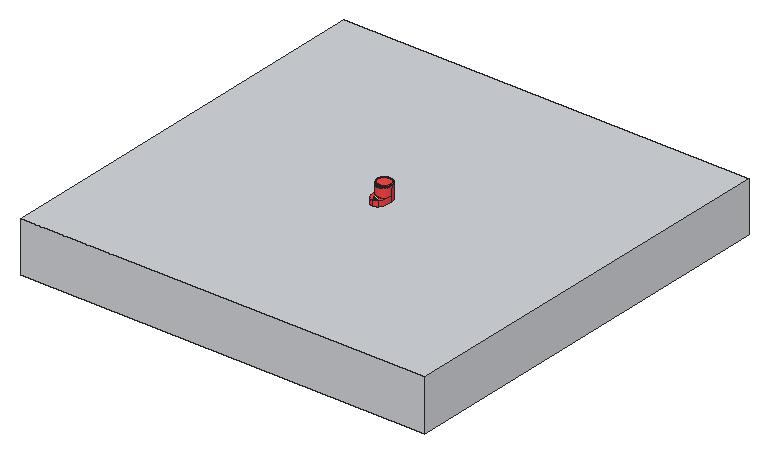
Revit family "Sirena electronica con foco_Aguilera Electronica", category Dispositivos de alarma de incendios, Revit 2017
Family settings
  Anfitrión = Cara
  Mantener orientación de anotación = Sí
  Cota de conector redondo = Diámetro de uso
  Tipo de pieza = Normal
  Número OmniClass = 23.85.30.21.14.11
  Título OmniClass = Concentration Detection Bells and Sounders
  Corte con vacíos al cargar = No
  Compartido = No
  Punto de cálculo de habitación = No
Parameters (values of type "Sirena electrónica con foco EN54-23")
  URL = "https://aguilera.es/?productos=sirena-electronica-con-foco-en-54-23"
  Símbolo texto modelo = yes
  Símbolo = yes
  Modelo = "AE/V-ASFLXW"
  Fabricante = "Aguilera Electrónica"  # constant formula
  Elevación por defecto = 1200 mm
  Diámetro tubo = 20 mm
  Descripción = "La sirena AE/ASFLXW es ideal para aplicaciones de uso dual en las que\r\nse exige un dispositivo de alarma visual además de una alarma audible.\r\nEsta especialmente recomendado para su uso en pared ya que solo\r\nrequiere un punto de instalación. Preparada para usar con cualquier sonda\r\nestándar.\r\nCertificada EN-3 y EN 54-23 para montaje en pared."  # constant formula
  Comentarios de tipo = "Sirena multitono con foco certificada EN 54-3 y EN 54-23 para montaje en pared. Tipo W-2.4-7.5.\r\n\r\nMáxima altura de instalación 2.4m, longitud de cobertura 7.5 m.\r\nTecnología led que garantiza una intensidad luminosa 0.4lux/m2 en todo el área.\r\nNivel sonoro 102dB(A).\r\nConsumo máximo 37mA.\r\nProtección IP65."  # constant formula
  Altura 4 = 30 mm  # constant formula
  Altura 3 = 17 mm  # constant formula
  Altura 2 = 53 mm  # constant formula
  Altura 1 = 10 mm  # constant formula
Reference planes
  plane 1 "Centro (Frontal/Posterior)": y = 0
  plane 2: z = 0
  plane 3 "Centro (Izquierda/Derecha)": x = 0
  plane 4: z = 83
  plane 5: z = 93
  plane 6: z = 30
Forms (mm)
  Extrusion 1, solid
    sketch origin (0, 0, 0) x (1, 0, 0) y (0, 1, 0)
      loop
        line (-1219.2, 1219.2) -> (-1219.2, -1219.2) -> (1219.2, -1219.2) -> (1219.2, 1219.2) -> (-1219.2, 1219.2)
    from 0 to -304.8
  Extrusion 2, solid, material "ABS Rojo", detail levels medium+fine
    sketch origin (0, 0, 0) x (1, 0, 0) y (0, 1, 0)
      loop
        circle (0, 0) r 46.5
    from 0 to 83
  Extrusion 3, solid, material "ABS Rojo", detail levels fine
    sketch origin (0, 0, 0) x (0, 1, 0) y (0, 0, 1)
      loop
        line (-46.437, 83) -> (-41.5, 83) -> (-41.5, 93) -> (-42.516, 93) -> (-46.437, 83)
    from 1 to -1
  Extrusion 4, solid, material "ABS Rojo", detail levels fine
    sketch origin (0, 0, 0) x (-0.173648, 0.984808, 0) y (0, 0, 1)
      loop
        line (-46.437, 83) -> (-41.5, 83) -> (-41.5, 93) -> (-42.516, 93) -> (-46.437, 83)
    from 1 to -1
  Extrusion 5, solid, material "ABS Rojo", detail levels fine
    sketch origin (0, 0, 0) x (-0.34202, 0.939693, 0) y (0, 0, 1)
      loop
        line (-46.437, 83) -> (-41.5, 83) -> (-41.5, 93) -> (-42.516, 93) -> (-46.437, 83)
    from 1 to -1
  Extrusion 6, solid, material "ABS Rojo", detail levels fine
    sketch origin (0, 0, 0) x (-0.5, 0.866025, 0) y (0, 0, 1)
      loop
        line (-46.437, 83) -> (-41.5, 83) -> (-41.5, 93) -> (-42.516, 93) -> (-46.437, 83)
    from 1 to -1
  Extrusion 7, solid, material "ABS Rojo", detail levels fine
    sketch origin (0, 0, 0) x (-0.642788, 0.766044, 0) y (0, 0, 1)
      loop
        line (-46.437, 83) -> (-41.5, 83) -> (-41.5, 93) -> (-42.516, 93) -> (-46.437, 83)
    from 1 to -1
  Extrusion 8, solid, material "ABS Rojo", detail levels fine
    sketch origin (0, 0, 0) x (-0.766044, 0.642788, 0) y (0, 0, 1)
      loop
        line (-46.437, 83) -> (-41.5, 83) -> (-41.5, 93) -> (-42.516, 93) -> (-46.437, 83)
    from 1 to -1
  Extrusion 9, solid, material "ABS Rojo", detail levels fine
    sketch origin (0, 0, 0) x (-0.866025, 0.5, 0) y (0, 0, 1)
      loop
        line (-46.437, 83) -> (-41.5, 83) -> (-41.5, 93) -> (-42.516, 93) -> (-46.437, 83)
    from 1 to -1
  Extrusion 10, solid, material "ABS Rojo", detail levels fine
    sketch origin (0, 0, 0) x (-0.939693, 0.34202, 0) y (0, 0, 1)
      loop
        line (-46.437, 83) -> (-41.5, 83) -> (-41.5, 93) -> (-42.516, 93) -> (-46.437, 83)
    from 1 to -1
  Extrusion 11, solid, material "ABS Rojo", detail levels fine
    sketch origin (0, 0, 0) x (-0.984808, 0.173648, 0) y (0, 0, 1)
      loop
        line (-46.437, 83) -> (-41.5, 83) -> (-41.5, 93) -> (-42.516, 93) -> (-46.437, 83)
    from 1 to -1
  Extrusion 12, solid, material "ABS Rojo", detail levels fine
    sketch origin (0, 0, 0) x (-1, 0, 0) y (0, 0, 1)
      loop
        line (-46.437, 83) -> (-41.5, 83) -> (-41.5, 93) -> (-42.516, 93) -> (-46.437, 83)
    from 1 to -1
  Extrusion 13, solid, material "ABS Rojo", detail levels fine
    sketch origin (0, 0, 0) x (0, -1, 0) y (0, 0, -1)
      loop
        line (-46.437, -83) -> (-42.516, -93) -> (-41.5, -93) -> (-41.5, -83) -> (-46.437, -83)
    from 1 to -1
  Extrusion 14, solid, material "ABS Rojo", detail levels fine
    sketch origin (0, 0, 0) x (-0.173648, -0.984808, 0) y (0, 0, -1)
      loop
        line (-46.437, -83) -> (-42.516, -93) -> (-41.5, -93) -> (-41.5, -83) -> (-46.437, -83)
    from 1 to -1
  Extrusion 15, solid, material "ABS Rojo", detail levels fine
    sketch origin (0, 0, 0) x (-0.34202, -0.939693, 0) y (0, 0, -1)
      loop
        line (-46.437, -83) -> (-42.516, -93) -> (-41.5, -93) -> (-41.5, -83) -> (-46.437, -83)
    from 1 to -1
  Extrusion 16, solid, material "ABS Rojo", detail levels fine
    sketch origin (0, 0, 0) x (-0.5, -0.866025, 0) y (0, 0, -1)
      loop
        line (-46.437, -83) -> (-42.516, -93) -> (-41.5, -93) -> (-41.5, -83) -> (-46.437, -83)
    from 1 to -1
  Extrusion 17, solid, material "ABS Rojo", detail levels fine
    sketch origin (0, 0, 0) x (-0.642788, -0.766044, 0) y (0, 0, -1)
      loop
        line (-46.437, -83) -> (-42.516, -93) -> (-41.5, -93) -> (-41.5, -83) -> (-46.437, -83)
    from 1 to -1
  Extrusion 18, solid, material "ABS Rojo", detail levels fine
    sketch origin (0, 0, 0) x (-0.766044, -0.642788, 0) y (0, 0, -1)
      loop
        line (-46.437, -83) -> (-42.516, -93) -> (-41.5, -93) -> (-41.5, -83) -> (-46.437, -83)
    from 1 to -1
  Extrusion 19, solid, material "ABS Rojo", detail levels fine
    sketch origin (0, 0, 0) x (-0.866025, -0.5, 0) y (0, 0, -1)
      loop
        line (-46.437, -83) -> (-42.516, -93) -> (-41.5, -93) -> (-41.5, -83) -> (-46.437, -83)
    from 1 to -1
  Extrusion 20, solid, material "ABS Rojo", detail levels fine
    sketch origin (0, 0, 0) x (-0.939693, -0.34202, 0) y (0, 0, -1)
      loop
        line (-46.437, -83) -> (-42.516, -93) -> (-41.5, -93) -> (-41.5, -83) -> (-46.437, -83)
    from 1 to -1
  Extrusion 21, solid, material "ABS Rojo", detail levels fine
    sketch origin (0, 0, 0) x (-0.984808, -0.173648, 0) y (0, 0, -1)
      loop
        line (-46.437, -83) -> (-42.516, -93) -> (-41.5, -93) -> (-41.5, -83) -> (-46.437, -83)
    from 1 to -1
  Extrusion 22, solid, material "ABS Rojo", detail levels fine
    sketch origin (0, 0, 0) x (0.173648, 0.984808, 0) y (0, 0, -1)
      loop
        line (-46.437, -83) -> (-42.516, -93) -> (-41.5, -93) -> (-41.5, -83) -> (-46.437, -83)
    from 1 to -1
  Extrusion 23, solid, material "ABS Rojo", detail levels fine
    sketch origin (0, 0, 0) x (0.34202, 0.939693, 0) y (0, 0, -1)
      loop
        line (-46.437, -83) -> (-42.516, -93) -> (-41.5, -93) -> (-41.5, -83) -> (-46.437, -83)
    from 1 to -1
  Extrusion 24, solid, material "ABS Rojo", detail levels fine
    sketch origin (0, 0, 0) x (0.5, 0.866025, 0) y (0, 0, -1)
      loop
        line (-46.437, -83) -> (-42.516, -93) -> (-41.5, -93) -> (-41.5, -83) -> (-46.437, -83)
    from 1 to -1
  Extrusion 25, solid, material "ABS Rojo", detail levels fine
    sketch origin (0, 0, 0) x (0.642788, 0.766044, 0) y (0, 0, -1)
      loop
        line (-46.437, -83) -> (-42.516, -93) -> (-41.5, -93) -> (-41.5, -83) -> (-46.437, -83)
    from 1 to -1
  Extrusion 26, solid, material "ABS Rojo", detail levels fine
    sketch origin (0, 0, 0) x (0.766044, 0.642788, 0) y (0, 0, -1)
      loop
        line (-46.437, -83) -> (-42.516, -93) -> (-41.5, -93) -> (-41.5, -83) -> (-46.437, -83)
    from 1 to -1
  Extrusion 27, solid, material "ABS Rojo", detail levels fine
    sketch origin (0, 0, 0) x (0.866025, 0.5, 0) y (0, 0, -1)
      loop
        line (-46.437, -83) -> (-42.516, -93) -> (-41.5, -93) -> (-41.5, -83) -> (-46.437, -83)
    from 1 to -1
  Extrusion 28, solid, material "ABS Rojo", detail levels fine
    sketch origin (0, 0, 0) x (0.939693, 0.34202, 0) y (0, 0, -1)
      loop
        line (-46.437, -83) -> (-42.516, -93) -> (-41.5, -93) -> (-41.5, -83) -> (-46.437, -83)
    from 1 to -1
  Extrusion 29, solid, material "ABS Rojo", detail levels fine
    sketch origin (0, 0, 0) x (0.984808, 0.173648, 0) y (0, 0, -1)
      loop
        line (-46.437, -83) -> (-42.516, -93) -> (-41.5, -93) -> (-41.5, -83) -> (-46.437, -83)
    from 1 to -1
  Extrusion 30, solid, material "ABS Rojo", detail levels fine
    sketch origin (0, 0, 0) x (1, 0, 0) y (0, 0, -1)
      loop
        line (-46.437, -83) -> (-42.516, -93) -> (-41.5, -93) -> (-41.5, -83) -> (-46.437, -83)
    from 1 to -1
  Extrusion 31, solid, material "ABS Rojo", detail levels fine
    sketch origin (0, 0, 0) x (0.173648, -0.984808, 0) y (0, 0, 1)
      loop
        line (-46.437, 83) -> (-41.5, 83) -> (-41.5, 93) -> (-42.516, 93) -> (-46.437, 83)
    from 1 to -1
  Extrusion 32, solid, material "ABS Rojo", detail levels fine
    sketch origin (0, 0, 0) x (0.34202, -0.939693, 0) y (0, 0, 1)
      loop
        line (-46.437, 83) -> (-41.5, 83) -> (-41.5, 93) -> (-42.516, 93) -> (-46.437, 83)
    from 1 to -1
  Extrusion 33, solid, material "ABS Rojo", detail levels fine
    sketch origin (0, 0, 0) x (0.5, -0.866025, 0) y (0, 0, 1)
      loop
        line (-46.437, 83) -> (-41.5, 83) -> (-41.5, 93) -> (-42.516, 93) -> (-46.437, 83)
    from 1 to -1
  Extrusion 34, solid, material "ABS Rojo", detail levels fine
    sketch origin (0, 0, 0) x (0.642788, -0.766044, 0) y (0, 0, 1)
      loop
        line (-46.437, 83) -> (-41.5, 83) -> (-41.5, 93) -> (-42.516, 93) -> (-46.437, 83)
    from 1 to -1
  Extrusion 35, solid, material "ABS Rojo", detail levels fine
    sketch origin (0, 0, 0) x (0.766044, -0.642788, 0) y (0, 0, 1)
      loop
        line (-46.437, 83) -> (-41.5, 83) -> (-41.5, 93) -> (-42.516, 93) -> (-46.437, 83)
    from 1 to -1
  Extrusion 36, solid, material "ABS Rojo", detail levels fine
    sketch origin (0, 0, 0) x (0.866025, -0.5, 0) y (0, 0, 1)
      loop
        line (-46.437, 83) -> (-41.5, 83) -> (-41.5, 93) -> (-42.516, 93) -> (-46.437, 83)
    from 1 to -1
  Extrusion 37, solid, material "ABS Rojo", detail levels fine
    sketch origin (0, 0, 0) x (0.939693, -0.34202, 0) y (0, 0, 1)
      loop
        line (-46.437, 83) -> (-41.5, 83) -> (-41.5, 93) -> (-42.516, 93) -> (-46.437, 83)
    from 1 to -1
  Extrusion 38, solid, material "ABS Rojo", detail levels fine
    sketch origin (0, 0, 0) x (0.984808, -0.173648, 0) y (0, 0, 1)
      loop
        line (-46.437, 83) -> (-41.5, 83) -> (-41.5, 93) -> (-42.516, 93) -> (-46.437, 83)
    from 1 to -1
  Extrusion 39, solid, material "ABS Rojo", detail levels fine
    sketch origin (0, -114.377, 93) x (0, -1, 0) y (1, 0, 0)
      loop
        circle (-114.377, 0) r 42.516
    from 0 to -0.997
  Extrusion 40, solid, material "ABS Rojo", detail levels medium+fine
    sketch origin (0, 0, 0) x (1, 0, 0) y (0, 1, 0)
      loop
        line (39.716, 24.085) -> (-39.716, 24.085)
        arc (-39.716, 24.085) -> (-44.714, 12.495) -> (-46.5, 0) r 47.727
        arc (-46.5, 0) -> (-41.787, -40.37) -> (-27.191, -78.302) r 162.277
        arc (-27.191, -78.302) -> (-14.287, -85.239) -> (0, -88.484) r 54.451
        arc (0, -88.484) -> (14.287, -85.239) -> (27.191, -78.302) r 54.451
        arc (27.191, -78.302) -> (41.787, -40.37) -> (46.5, 0) r 162.277
        arc (46.5, 0) -> (44.714, 12.495) -> (39.716, 24.085) r 47.727
    from 0 to 30
  Extrusion 41, solid, material "Vidrio", detail levels fine
    sketch origin (0, 0, 0) x (1, 0, 0) y (0, 1, 0)
      loop
        line (0, -52.187) -> (-10.967, -52.187) -> (-10.967, -60.996)
        arc (-10.967, -60.996) -> (-8.038, -68.067) -> (-0.967, -70.996) r 10
        line (-0.967, -70.996) -> (0.967, -70.996)
        arc (0.967, -70.996) -> (8.038, -68.067) -> (10.967, -60.996) r 10
        line (10.967, -60.996) -> (10.967, -52.187) -> (0, -52.187)
    from 30 to 33.038
Dimensions and locks
  "Altura 4": plane 6 to Extrusion 1
  "Altura 2": plane 4 to plane 6
  "Altura 1": plane 5 to plane 4
  aligned and locked: plane 2 to Extrusion 1
  aligned and locked: level to Extrusion 1
  aligned and locked: plane 4 to Extrusion 2
  aligned and locked: Extrusion 2 to Extrusion 3
  aligned and locked: plane 6 to Extrusion 40
Automatic sketch dimensions
  Extrusion 1 sketch curve to Extrusion 1 sketch curve = 2438.4 mm  (x2)
  plane 1 "Centro (Frontal/Posterior)" to Extrusion 2 sketch curve = 0 mm
  Extrusion 2 sketch curve to plane 3 "Centro (Izquierda/Derecha)" = 0 mm
  Extrusion 3 sketch curve to plane 4 = 0 mm
  Extrusion 3 sketch curve to plane 5 = 0 mm
  plane 1 "Centro (Frontal/Posterior)" to Extrusion 3 sketch curve = 46.437 mm
  Extrusion 3 sketch curve to Extrusion 3 sketch curve = 3.921 mm
  Extrusion 3 sketch curve to Extrusion 3 sketch curve = 1.016 mm
  plane 4 to Extrusion 4 sketch curve = 0 mm
  plane 5 to Extrusion 4 sketch curve = 0 mm
  Extrusion 4 sketch curve to Extrusion 4 sketch curve = 3.921 mm
  Extrusion 4 sketch curve to Extrusion 4 sketch curve = 1.016 mm
  plane 4 to Extrusion 5 sketch curve = 0 mm
  plane 5 to Extrusion 5 sketch curve = 0 mm
  Extrusion 5 sketch curve to Extrusion 5 sketch curve = 3.921 mm
  Extrusion 5 sketch curve to Extrusion 5 sketch curve = 1.016 mm
  plane 4 to Extrusion 6 sketch curve = 0 mm
  plane 5 to Extrusion 6 sketch curve = 0 mm
  Extrusion 6 sketch curve to Extrusion 6 sketch curve = 3.921 mm
  Extrusion 6 sketch curve to Extrusion 6 sketch curve = 1.016 mm
  plane 4 to Extrusion 7 sketch curve = 0 mm
  plane 5 to Extrusion 7 sketch curve = 0 mm
  Extrusion 7 sketch curve to Extrusion 7 sketch curve = 3.921 mm
  Extrusion 7 sketch curve to Extrusion 7 sketch curve = 1.016 mm
  plane 4 to Extrusion 8 sketch curve = 0 mm
  plane 5 to Extrusion 8 sketch curve = 0 mm
  Extrusion 8 sketch curve to Extrusion 8 sketch curve = 3.921 mm
  Extrusion 8 sketch curve to Extrusion 8 sketch curve = 1.016 mm
  plane 4 to Extrusion 9 sketch curve = 0 mm
  plane 5 to Extrusion 9 sketch curve = 0 mm
  Extrusion 9 sketch curve to Extrusion 9 sketch curve = 3.921 mm
  Extrusion 9 sketch curve to Extrusion 9 sketch curve = 1.016 mm
  plane 4 to Extrusion 10 sketch curve = 0 mm
  plane 5 to Extrusion 10 sketch curve = 0 mm
  Extrusion 10 sketch curve to Extrusion 10 sketch curve = 3.921 mm
  Extrusion 10 sketch curve to Extrusion 10 sketch curve = 1.016 mm
  plane 4 to Extrusion 11 sketch curve = 0 mm
  plane 5 to Extrusion 11 sketch curve = 0 mm
  Extrusion 11 sketch curve to Extrusion 11 sketch curve = 3.921 mm
  Extrusion 11 sketch curve to Extrusion 11 sketch curve = 1.016 mm
  Extrusion 12 sketch curve to plane 4 = 0 mm
  Extrusion 12 sketch curve to plane 5 = 0 mm
  plane 3 "Centro (Izquierda/Derecha)" to Extrusion 12 sketch curve = 46.437 mm
  Extrusion 12 sketch curve to Extrusion 12 sketch curve = 3.921 mm
  Extrusion 12 sketch curve to Extrusion 12 sketch curve = 1.016 mm
  Extrusion 13 sketch curve to plane 4 = 0 mm
  Extrusion 13 sketch curve to plane 5 = 0 mm
  plane 1 "Centro (Frontal/Posterior)" to Extrusion 13 sketch curve = 46.437 mm
  Extrusion 13 sketch curve to Extrusion 13 sketch curve = 3.921 mm
  Extrusion 13 sketch curve to Extrusion 13 sketch curve = 1.016 mm
  Extrusion 14 sketch curve to plane 4 = 0 mm
  Extrusion 14 sketch curve to plane 5 = 0 mm
  Extrusion 14 sketch curve to Extrusion 14 sketch curve = 3.921 mm
  Extrusion 14 sketch curve to Extrusion 14 sketch curve = 1.016 mm
  Extrusion 15 sketch curve to plane 4 = 0 mm
  Extrusion 15 sketch curve to plane 5 = 0 mm
  Extrusion 15 sketch curve to Extrusion 15 sketch curve = 3.921 mm
  Extrusion 15 sketch curve to Extrusion 15 sketch curve = 1.016 mm
  Extrusion 16 sketch curve to plane 4 = 0 mm
  Extrusion 16 sketch curve to plane 5 = 0 mm
  Extrusion 16 sketch curve to Extrusion 16 sketch curve = 3.921 mm
  Extrusion 16 sketch curve to Extrusion 16 sketch curve = 1.016 mm
  Extrusion 17 sketch curve to plane 4 = 0 mm
  Extrusion 17 sketch curve to plane 5 = 0 mm
  Extrusion 17 sketch curve to Extrusion 17 sketch curve = 3.921 mm
  Extrusion 17 sketch curve to Extrusion 17 sketch curve = 1.016 mm
  Extrusion 18 sketch curve to plane 4 = 0 mm
  Extrusion 18 sketch curve to plane 5 = 0 mm
  Extrusion 18 sketch curve to Extrusion 18 sketch curve = 3.921 mm
  Extrusion 18 sketch curve to Extrusion 18 sketch curve = 1.016 mm
  Extrusion 19 sketch curve to plane 4 = 0 mm
  Extrusion 19 sketch curve to plane 5 = 0 mm
  Extrusion 19 sketch curve to Extrusion 19 sketch curve = 3.921 mm
  Extrusion 19 sketch curve to Extrusion 19 sketch curve = 1.016 mm
  Extrusion 20 sketch curve to plane 4 = 0 mm
  Extrusion 20 sketch curve to plane 5 = 0 mm
  Extrusion 20 sketch curve to Extrusion 20 sketch curve = 3.921 mm
  Extrusion 20 sketch curve to Extrusion 20 sketch curve = 1.016 mm
  Extrusion 21 sketch curve to plane 4 = 0 mm
  Extrusion 21 sketch curve to plane 5 = 0 mm
  Extrusion 21 sketch curve to Extrusion 21 sketch curve = 3.921 mm
  Extrusion 21 sketch curve to Extrusion 21 sketch curve = 1.016 mm
  plane 4 to Extrusion 22 sketch curve = 0 mm
  plane 5 to Extrusion 22 sketch curve = 0 mm
  Extrusion 22 sketch curve to Extrusion 22 sketch curve = 3.921 mm
  Extrusion 22 sketch curve to Extrusion 22 sketch curve = 1.016 mm
  plane 4 to Extrusion 23 sketch curve = 0 mm
  plane 5 to Extrusion 23 sketch curve = 0 mm
  Extrusion 23 sketch curve to Extrusion 23 sketch curve = 3.921 mm
  Extrusion 23 sketch curve to Extrusion 23 sketch curve = 1.016 mm
  plane 4 to Extrusion 24 sketch curve = 0 mm
  plane 5 to Extrusion 24 sketch curve = 0 mm
  Extrusion 24 sketch curve to Extrusion 24 sketch curve = 3.921 mm
  Extrusion 24 sketch curve to Extrusion 24 sketch curve = 1.016 mm
  plane 4 to Extrusion 25 sketch curve = 0 mm
  plane 5 to Extrusion 25 sketch curve = 0 mm
  Extrusion 25 sketch curve to Extrusion 25 sketch curve = 3.921 mm
  Extrusion 25 sketch curve to Extrusion 25 sketch curve = 1.016 mm
  plane 4 to Extrusion 26 sketch curve = 0 mm
  plane 5 to Extrusion 26 sketch curve = 0 mm
  Extrusion 26 sketch curve to Extrusion 26 sketch curve = 3.921 mm
  Extrusion 26 sketch curve to Extrusion 26 sketch curve = 1.016 mm
  plane 4 to Extrusion 27 sketch curve = 0 mm
  plane 5 to Extrusion 27 sketch curve = 0 mm
  Extrusion 27 sketch curve to Extrusion 27 sketch curve = 3.921 mm
  Extrusion 27 sketch curve to Extrusion 27 sketch curve = 1.016 mm
  plane 4 to Extrusion 28 sketch curve = 0 mm
  plane 5 to Extrusion 28 sketch curve = 0 mm
  Extrusion 28 sketch curve to Extrusion 28 sketch curve = 3.921 mm
  Extrusion 28 sketch curve to Extrusion 28 sketch curve = 1.016 mm
  plane 4 to Extrusion 29 sketch curve = 0 mm
  plane 5 to Extrusion 29 sketch curve = 0 mm
  Extrusion 29 sketch curve to Extrusion 29 sketch curve = 3.921 mm
  Extrusion 29 sketch curve to Extrusion 29 sketch curve = 1.016 mm
  Extrusion 30 sketch curve to plane 4 = 0 mm
  Extrusion 30 sketch curve to plane 5 = 0 mm
  Extrusion 30 sketch curve to plane 3 "Centro (Izquierda/Derecha)" = 46.437 mm
  Extrusion 30 sketch curve to Extrusion 30 sketch curve = 3.921 mm
  Extrusion 30 sketch curve to Extrusion 30 sketch curve = 1.016 mm
  Extrusion 31 sketch curve to plane 4 = 0 mm
  Extrusion 31 sketch curve to plane 5 = 0 mm
  Extrusion 31 sketch curve to Extrusion 31 sketch curve = 3.921 mm
  Extrusion 31 sketch curve to Extrusion 31 sketch curve = 1.016 mm
  Extrusion 32 sketch curve to plane 4 = 0 mm
  Extrusion 32 sketch curve to plane 5 = 0 mm
  Extrusion 32 sketch curve to Extrusion 32 sketch curve = 3.921 mm
  Extrusion 32 sketch curve to Extrusion 32 sketch curve = 1.016 mm
  Extrusion 33 sketch curve to plane 4 = 0 mm
  Extrusion 33 sketch curve to plane 5 = 0 mm
  Extrusion 33 sketch curve to Extrusion 33 sketch curve = 3.921 mm
  Extrusion 33 sketch curve to Extrusion 33 sketch curve = 1.016 mm
  Extrusion 34 sketch curve to plane 4 = 0 mm
  Extrusion 34 sketch curve to plane 5 = 0 mm
  Extrusion 34 sketch curve to Extrusion 34 sketch curve = 3.921 mm
  Extrusion 34 sketch curve to Extrusion 34 sketch curve = 1.016 mm
  Extrusion 35 sketch curve to plane 4 = 0 mm
  Extrusion 35 sketch curve to plane 5 = 0 mm
  Extrusion 35 sketch curve to Extrusion 35 sketch curve = 3.921 mm
  Extrusion 35 sketch curve to Extrusion 35 sketch curve = 1.016 mm
  Extrusion 36 sketch curve to plane 4 = 0 mm
  Extrusion 36 sketch curve to plane 5 = 0 mm
  Extrusion 36 sketch curve to Extrusion 36 sketch curve = 3.921 mm
  Extrusion 36 sketch curve to Extrusion 36 sketch curve = 1.016 mm
  Extrusion 37 sketch curve to plane 4 = 0 mm
  Extrusion 37 sketch curve to plane 5 = 0 mm
  Extrusion 37 sketch curve to Extrusion 37 sketch curve = 3.921 mm
  Extrusion 37 sketch curve to Extrusion 37 sketch curve = 1.016 mm
  Extrusion 38 sketch curve to plane 4 = 0 mm
  Extrusion 38 sketch curve to plane 5 = 0 mm
  Extrusion 38 sketch curve to Extrusion 38 sketch curve = 3.921 mm
  Extrusion 38 sketch curve to Extrusion 38 sketch curve = 1.016 mm
  plane 1 "Centro (Frontal/Posterior)" to Extrusion 39 sketch curve = 0 mm
  Extrusion 39 sketch curve to plane 3 "Centro (Izquierda/Derecha)" = 0 mm
  plane 1 "Centro (Frontal/Posterior)" to Extrusion 40 sketch curve = 0 mm  (x4)
  Extrusion 40 sketch curve to plane 3 "Centro (Izquierda/Derecha)" = 0 mm
  Extrusion 40 sketch curve to plane 3 "Centro (Izquierda/Derecha)" = 1.225 mm
  Extrusion 40 sketch curve to plane 3 "Centro (Izquierda/Derecha)" = 4.807 mm
  Extrusion 40 sketch curve to plane 3 "Centro (Izquierda/Derecha)" = 39.716 mm
  plane 1 "Centro (Frontal/Posterior)" to Extrusion 40 sketch curve = 1.516 mm  (x2)
  plane 3 "Centro (Izquierda/Derecha)" to Extrusion 40 sketch curve = 1.225 mm
  plane 3 "Centro (Izquierda/Derecha)" to Extrusion 40 sketch curve = 4.807 mm
  plane 3 "Centro (Izquierda/Derecha)" to Extrusion 40 sketch curve = 39.716 mm
  Extrusion 40 sketch curve to Extrusion 40 sketch curve = 76.055 mm
  plane 1 "Centro (Frontal/Posterior)" to Extrusion 40 sketch curve = 34.246 mm
  Extrusion 40 sketch curve to Extrusion 40 sketch curve = 0 mm
  plane 1 "Centro (Frontal/Posterior)" to Extrusion 40 sketch curve = 0.446 mm
  Extrusion 40 sketch curve to plane 3 "Centro (Izquierda/Derecha)" = 27.191 mm
  plane 3 "Centro (Izquierda/Derecha)" to Extrusion 40 sketch curve = 27.191 mm
  Extrusion 41 sketch curve to plane 3 "Centro (Izquierda/Derecha)" = 0 mm
  Extrusion 41 sketch curve to plane 3 "Centro (Izquierda/Derecha)" = 0.967 mm
  Extrusion 41 sketch curve to Extrusion 41 sketch curve = 10 mm
  plane 3 "Centro (Izquierda/Derecha)" to Extrusion 41 sketch curve = 0.967 mm
  plane 1 "Centro (Frontal/Posterior)" to Extrusion 41 sketch curve = 60.996 mm
  Extrusion 41 sketch curve to Extrusion 41 sketch curve = 0 mm
  Extrusion 41 sketch curve to Extrusion 41 sketch curve = 8.809 mm
  radius of Extrusion 2 sketch curve = 46.5 mm
  radius of Extrusion 39 sketch curve = 42.516 mm
Nested families
  nested 1: "S_Sirena_Aguilera Electronica" at (0, 0, 0), visible <- "Símbolo", type "S_Sirena_Aguilera Electronica"
Connectors
  electrical at (0, 0, 0), driven by "Modelo"
    settings: on Extrusion 2, index 1, voltage 0 V, apparent load 0 VA, apparent load phase1 0 VA, apparent load phase2 0 VA, apparent load phase3 0 VA, power factor 1, load classification "Otro", number of poles 1, system type 11, power factor state 1, is connector primary yes, connector utility no, sub classification motor no, connector description "AE/V-ASFLXW"
  cabletrayconduit at (0, 0, 0), diameter 20, driven by "Diámetro tubo", driven by "Modelo"
    settings: on Extrusion 2, index 2, connector width 300 mm, connector height 300 mm, connector angle 0.00°, system type 32, placement type 0, profile type 0, connector reference index -1, is primary connector yes, connector utility param no, connector description "AE/V-ASFLXW"
Definition of nested family "S_Sirena_Aguilera Electronica"
  Parameters (values of type "S_Sirena_Aguilera Electronica")
    Texto símbolo = "Sirena"
    Texto modelo = yes
    Modelo = "AE/SA-AS1"
  Reference planes
    plane 1: y = 0
    plane 2: x = 0
  Lines and regions (mm)
    detail lines
      curve 1: line (-3.584, 1.13, 0) -> (-1.982, 1.13, 0)
      curve 2: line (-3.584, -0.471, 0) -> (-3.584, 1.13, 0)
      curve 3: line (-1.982, -0.471, 0) -> (-3.584, -0.471, 0)
      curve 4: line (-1.982, 1.13, 0) -> (-1.982, -0.471, 0)
      curve 5: line (-1.982, 0.512, 0) -> (1.722, 2.319, 0)
      curve 6: line (1.722, 2.319, 0) -> (3.678, -1.068, 0)
      curve 7: line (3.678, -1.068, 0) -> (-1.982, 0, 0)
  Text (mm)
    label "Modelo" at (0.256, -2.688, 0), shows "Modelo", visible <- "Texto modelo"
